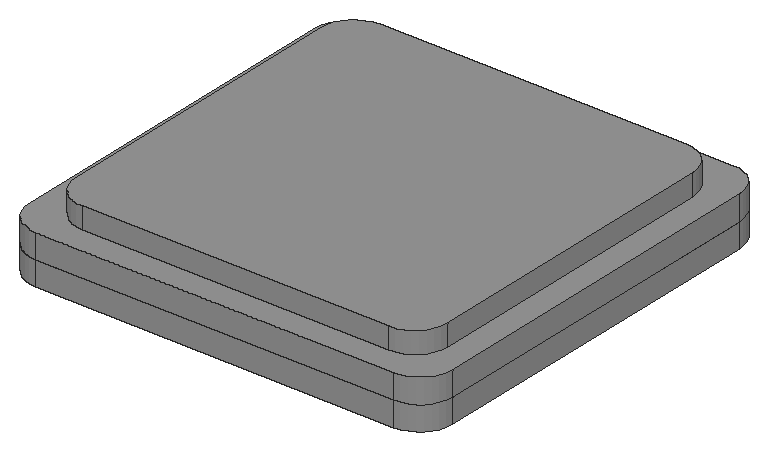
Revit family "FMS2_63_UN_Surface-mounted_ETK", category Lighting Fixtures, Revit 2019 (continued)
Definition of nested family "FMS.2 - Lightsource"
  Types (14, lengths in mm): name | Wattage Comments | Wattage | built-in parameter 1150134 | Photometric Web File | built-in parameter 1150142 | built-in parameter 1150105 | Lumens | built-in parameter 1150107 | built-in parameter 1150106 | Apparent Load
    FMS.1400.10 - Ø400 / 38W / 2800lm / 3000K | "38W" | 18.8499 W | (empty or 0) | "FMS.1400.10.ies" | "IESNA:LM-63-2002\r\n[TEST] /2015\r\n[TESTLAB] ies2eulumdat.appspot.com\r\n[ISSUEDATE] 2021-10-05T13:46:47.554\r\n[MANUFAC] www.etk.nl\r\n[LUMCAT] FMS.1400.10\r\n[LUMINAIRE] FMS.1 LED 38W 3000K 2800lm ø400 Ledeshi Slice circle IV niet dimbaar\r\n[LAMPCAT] LED\r\n[LAMP] LED\r\nTILT=NONE\r\n1\t2862\t1\t181\t72\t1\t2\t-0.400\t-0.400\t0\r\n1.0\t1.0\t36.10\r\n0\t 0.5\t 1\t 1.5\t 2\t 2.5\t 3\t 3.5\t 4\t 4.5\r\n5\t 5.5\t 6\t 6.5\t 7\t 7.5\t 8\t 8.5\t 9\t 9.5\r\n10\t 10.5\t 11\t 11.5\t 12\t 12.5\t 13\t 13.5\t 14\t 14.5\r\n15\t 15.5\t 16\t 16.5\t 17\t 17.5\t 18\t 18.5\t 19\t 19.5\r\n20\t 20.5\t 21\t 21.5\t 22\t 22.5\t 23\t 23.5\t 24\t 24.5\r\n25\t 25.5\t 26\t 26.5\t 27\t 27.5\t 28\t 28.5\t 29\t 29.5\r\n30\t 30.5\t 31\t 31.5\t 32\t 32.5\t 33\t 33.5\t 34\t 34.5\r\n35\t 35.5\t 36\t 36.5\t 37\t 37.5\t 38\t 38.5\t 39\t 39.5\r\n40\t 40.5\t 41\t 41.5\t 42\t 42.5\t 43\t 43.5\t 44\t 44.5\r\n45\t 45.5\t 46\t 46.5\t 47\t 47.5\t 48\t 48.5\t 49\t 49.5\r\n50\t 50.5\t 51\t 51.5\t 52\t 52.5\t 53\t 53.5\t 54\t 54.5\r\n55\t 55.5\t 56\t 56.5\t 57\t 57.5\t 58\t 58.5\t 59\t 59.5\r\n60\t 60.5\t 61\t 61.5\t 62\t 62.5\t 63\t 63.5\t 64\t 64.5\r\n65\t 65.5\t 66\t 66.5\t 67\t 67.5\t 68\t 68.5\t 69\t 69.5\r\n70\t 70.5\t 71\t 71.5\t 72\t 72.5\t 73\t 73.5\t 74\t 74.5\r\n75\t 75.5\t 76\t 76.5\t 77\t 77.5\t 78\t 78.5\t 79\t 79.5\r\n80\t 80.5\t 81\t 81.5\t 82\t 82.5\t 83\t 83.5\t 84\t 84.5\r\n85\t 85.5\t 86\t 86.5\t 87\t 87.5\t 88\t 88.5\t 89\t 89.5\r\n90\r\n0\t 5\t 10\t 15\t 20\t 25\t 30\t 35\t 40\t 45\r\n50\t 55\t 60\t 65\t 70\t 75\t 80\t 85\t 90\t 95\r\n100\t 105\t 110\t 115\t 120\t 125\t 130\t 135\t 140\t 145\r\n150\t 155\t 160\t 165\t 170\t 175\t 180\t 185\t 190\t 195\r\n200\t 205\t 210\t 215\t 220\t 225\t 230\t 235\t 240\t 245\r\n250\t 255\t 260\t 265\t 270\t 275\t 280\t 285\t 290\t 295\r\n300\t 305\t 310\t 315\t 320\t 325\t 330\t 335\t 340\t 345\r\n350\t 355\r\n985.6728\t985.6728\t985.3866\t985.1004\t984.528\t984.528\t984.2418\t983.9556\t983.6694\t982.5246\r\n981.3798\t981.0936\t980.5212\t979.3764\t978.2316\t976.8006\t975.3696\t973.9386\t972.7938\t971.0766\r\n969.3594\t967.9284\t966.2112\t963.9216\t961.632\t959.6286\t957.6252\t955.6218\t953.6184\t951.0426\r\n948.4668\t945.6048\t942.7428\t940.167\t937.5912\t934.1568\t930.4362\t927.5742\t924.426\t921.564\r\n918.4158\t914.9814\t911.2608\t907.5402\t903.8196\t900.3852\t896.6646\t892.6578\t888.3648\t884.0718\r\n879.4926\t875.4858\t871.1928\t866.8998\t862.3206\t857.7414\t853.1622\t848.2968\t843.1452\t838.566\r\n833.7006\t828.549\t823.3974\t818.532\t813.6666\t808.8012\t803.6496\t798.2118\t792.774\t787.05\r\n781.326\t775.602\t770.1642\t763.8678\t757.8576\t752.706\t747.2682\t741.258\t734.9616\t728.6652\r\n722.3688\t716.3586\t710.6346\t704.3382\t698.0418\t691.4592\t685.1628\t678.5802\t671.9976\t665.415\r\n658.8324\t652.2498\t645.381\t638.7984\t632.2158\t625.0608\t617.9058\t611.037\t604.1682\t597.2994\r\n590.1444\t583.2756\t576.1206\t568.9656\t561.5244\t554.3694\t547.2144\t539.7732\t532.0458\t525.177\r\n518.022\t510.2946\t502.281\t494.8398\t487.3986\t479.6712\t472.23\t464.5026\t456.489\t448.7616\r\n441.3204\t433.3068\t425.5794\t417.852\t410.1246\t402.3972\t394.3836\t386.37\t378.0702\t370.0566\r\n362.3292\t354.3156\t346.5882\t338.5746\t330.561\t322.5474\t314.5338\t306.5202\t298.5066\t290.493\r\n282.5653\t274.6375\t266.7384\t258.8965\t251.0546\t243.2414\t235.4567\t227.758\t220.0592\t212.3032\r\n204.5185\t197.0487\t189.6075\t182.3094\t175.0399\t167.7704\t160.501\t153.4891\t146.4772\t139.6656\r\n132.854\t126.2428\t119.6602\t113.278\t106.9243\t100.7424\t94.5605\t88.6934\t82.8549\t77.1023\r\n71.3783\t66.0836\t60.8175\t55.7518\t50.6574\t46.4789\t42.2717\t39.4384\t36.605\t35.8609\r\n35.1167\r\n985.6728\t985.3866\t985.3866\t984.8142\t984.528\t984.2418\t983.9556\t983.3832\t983.097\t981.9522\r\n980.8074\t980.235\t979.6626\t978.5178\t977.373\t975.6558\t974.2248\t973.08\t971.649\t969.9318\r\n968.2146\t966.4974\t965.0664\t962.7768\t960.4872\t958.1976\t956.1942\t953.9046\t951.9012\t949.3254\r\n946.7496\t943.8876\t941.0256\t938.4498\t935.874\t932.4396\t929.0052\t925.857\t922.7088\t919.5606\r\n916.4124\t912.978\t909.2574\t905.5368\t901.8162\t898.0956\t894.6612\t890.3682\t886.3614\t881.7822\r\n877.203\t873.1962\t868.9032\t864.6102\t860.031\t855.4518\t850.8726\t846.0072\t841.1418\t836.5626\r\n831.6972\t826.5456\t821.1078\t816.2424\t811.377\t806.2254\t801.0738\t795.9222\t790.4844\t785.0466\r\n779.3226\t773.8848\t768.1608\t762.1506\t756.1404\t750.4164\t745.2648\t739.2546\t732.9582\t726.948\r\n720.6516\t714.6414\t708.6312\t702.621\t696.3246\t690.0282\t683.4456\t677.1492\t670.5666\t663.984\r\n657.6876\t650.8188\t643.95\t637.3674\t630.7848\t623.916\t617.0472\t610.1784\t603.3096\t596.4408\r\n589.2858\t582.417\t575.5482\t568.3932\t560.952\t553.797\t546.642\t539.487\t532.0458\t524.8908\r\n517.4496\t510.0084\t502.5672\t495.126\t487.6848\t479.9574\t472.23\t464.5026\t457.3476\t449.9064\r\n442.179\t434.4516\t426.7242\t418.9968\t411.2694\t403.542\t395.8146\t388.0872\t379.7874\t371.7738\r\n363.474\t355.4604\t347.4468\t339.147\t331.1334\t323.1198\t314.82\t306.5202\t298.5066\t290.7792\r\n282.6225\t274.5517\t266.6239\t258.7534\t250.9115\t243.1269\t235.3423\t227.5862\t219.9161\t212.2745\r\n204.7189\t197.2777\t189.8937\t182.6528\t175.2116\t167.8849\t160.6441\t153.5463\t146.5344\t139.8373\r\n133.2547\t126.8438\t120.5761\t114.251\t107.0674\t99.7407\t92.3567\t84.6007\t76.4154\t67.9153\r\n59.7013\t52.0312\t45.1337\t39.5242\t34.7733\t31.5392\t28.8203\t26.2045\t23.7489\t3.3256\r\n0\r\n985.6728\t985.3866\t985.1004\t984.8142\t984.2418\t983.9556\t983.3832\t983.097\t982.5246\t981.666\r\n980.235\t979.6626\t979.0902\t977.9454\t976.5144\t975.0834\t973.3662\t972.2214\t970.7904\t969.0732\r\n967.356\t965.6388\t963.9216\t961.9182\t959.6286\t957.339\t955.3356\t953.046\t950.7564\t948.1806\r\n945.6048\t943.029\t940.167\t937.305\t934.7292\t931.581\t928.1466\t924.9984\t921.8502\t918.4158\r\n915.2676\t912.1194\t908.3988\t904.9644\t900.9576\t897.237\t893.5164\t889.7958\t885.789\t881.496\r\n876.9168\t872.3376\t868.3308\t864.324\t859.7448\t855.1656\t850.5864\t846.0072\t841.428\t836.8488\r\n831.9834\t827.118\t821.9664\t816.5286\t811.6632\t806.7978\t801.6462\t796.4946\t791.0568\t785.619\r\n780.4674\t775.3158\t769.5918\t763.8678\t758.1438\t752.4198\t746.6958\t741.258\t735.534\t729.2376\r\n723.2274\t717.2172\t711.4932\t705.483\t699.4728\t693.4626\t687.1662\t680.5836\t674.2872\t667.9908\r\n661.6944\t655.398\t648.5292\t641.3742\t633.933\t627.0642\t620.4816\t613.0404\t605.8854\t598.7304\r\n591.5754\t584.4204\t577.2654\t570.1104\t562.9554\t555.228\t547.5006\t540.0594\t532.9044\t525.4632\r\n517.7358\t510.0084\t502.5672\t495.126\t487.6848\t479.9574\t472.23\t464.5026\t456.7752\t449.0478\r\n441.6066\t434.1654\t426.1518\t418.4244\t410.697\t402.9696\t395.2422\t387.2286\t379.5012\t371.7738\r\n363.474\t355.4604\t347.1606\t339.147\t330.8472\t322.8336\t315.1062\t307.0926\t299.079\t291.3516\r\n283.338\t275.5247\t267.7401\t260.0127\t252.4284\t244.93\t237.4888\t229.7614\t221.7764\t213.82\r\n206.0068\t198.3938\t190.8954\t183.4542\t176.0989\t168.858\t161.8461\t154.777\t147.7364\t140.8963\r\n134.1419\t127.4162\t120.7192\t114.0793\t106.495\t98.3956\t90.4392\t82.6832\t75.1561\t68.1156\r\n61.7333\t55.6087\t49.7988\t44.4469\t40.1825\t36.0612\t32.083\t21.5108\t4.4332\t0\r\n0\r\n985.6728\t985.3866\t985.1004\t984.528\t983.9556\t983.6694\t983.097\t982.8108\t982.2384\t981.0936\r\n979.9488\t979.0902\t978.2316\t977.373\t975.942\t974.511\t972.7938\t971.3628\t970.218\t968.5008\r\n966.7836\t965.0664\t963.3492\t961.3458\t959.0562\t957.0528\t954.7632\t952.4736\t950.184\t947.8944\r\n945.3186\t942.7428\t939.8808\t937.0188\t934.1568\t931.581\t928.4328\t924.9984\t921.8502\t918.702\r\n915.2676\t912.1194\t908.9712\t905.2506\t901.8162\t897.8094\t894.0888\t890.3682\t886.6476\t882.6408\r\n878.3478\t873.7686\t869.4756\t865.4688\t861.7482\t857.169\t852.5898\t848.0106\t843.4314\t839.1384\r\n834.5592\t829.98\t825.1146\t819.963\t814.8114\t809.946\t805.0806\t800.2152\t795.0636\t789.3396\r\n783.6156\t777.8916\t772.4538\t767.016\t760.7196\t754.4232\t748.413\t742.4028\t736.3926\t730.3824\r\n723.7998\t717.2172\t710.9208\t704.6244\t698.328\t692.3178\t686.0214\t679.1526\t672.57\t665.7012\r\n659.1186\t652.536\t645.9534\t639.3708\t632.7882\t625.6332\t618.4782\t611.8956\t605.0268\t598.158\r\n591.2892\t584.1342\t576.9792\t569.8242\t562.9554\t556.0866\t548.9316\t541.4904\t534.3354\t526.8942\r\n519.453\t512.0118\t504.2844\t496.2708\t488.5434\t480.816\t473.0886\t465.6474\t458.2062\t450.1926\r\n442.179\t434.4516\t426.7242\t418.9968\t411.2694\t403.542\t395.8146\t388.3734\t380.646\t372.9186\r\n365.1912\t357.4638\t349.4502\t341.4366\t333.1368\t325.1232\t316.8234\t308.5236\t300.51\t292.4964\r\n284.4828\t276.5837\t268.7704\t261.0144\t253.3156\t245.7027\t237.9753\t229.9903\t222.2057\t214.5928\r\n207.0371\t199.5673\t192.1833\t184.9138\t177.7302\t170.6897\t163.5633\t156.4942\t149.5395\t142.7279\r\n136.0309\t129.391\t122.8657\t116.4262\t109.586\t102.7458\t95.9342\t89.1799\t82.4542\t75.7858\r\n69.6897\t63.8512\t58.1558\t52.5463\t47.0513\t39.1808\t22.8817\t6.5998\t0\t0\r\n0\r\n985.6728\t985.3866\t984.8142\t984.2418\t983.6694\t983.3832\t982.8108\t982.2384\t981.666\t980.8074\r\n979.6626\t978.5178\t977.6592\t976.8006\t975.6558\t974.2248\t972.5076\t970.7904\t969.6456\t968.2146\r\n966.4974\t964.7802\t962.7768\t961.0596\t959.0562\t956.7666\t954.7632\t952.4736\t950.184\t947.6082\r\n945.3186\t942.7428\t940.167\t937.5912\t934.7292\t931.8672\t929.0052\t926.1432\t922.995\t919.8468\r\n916.4124\t913.2642\t910.116\t906.9678\t903.5334\t899.8128\t896.0922\t892.3716\t888.9372\t885.2166\r\n881.2098\t876.9168\t872.6238\t868.3308\t864.324\t860.3172\t855.4518\t850.5864\t845.4348\t840.2832\r\n835.4178\t830.2662\t825.4008\t819.963\t814.5252\t809.0874\t803.6496\t798.2118\t792.774\t787.3362\r\n781.6122\t775.8882\t770.1642\t764.4402\t758.7162\t752.9922\t747.2682\t741.258\t735.2478\t729.2376\r\n723.2274\t717.2172\t711.207\t704.9106\t698.328\t692.3178\t686.0214\t680.0112\t674.2872\t667.9908\r\n661.4082\t654.8256\t648.243\t641.6604\t635.0778\t628.209\t621.054\t613.899\t606.744\t599.3028\r\n592.1478\t584.9928\t578.124\t570.969\t563.5278\t556.0866\t548.6454\t541.2042\t534.0492\t526.608\r\n519.453\t512.298\t505.143\t497.7018\t490.2606\t482.8194\t475.6644\t468.2232\t461.0682\t453.627\r\n445.3272\t437.0274\t429.0138\t421.0002\t413.2728\t404.973\t396.6732\t388.6596\t380.9322\t372.9186\r\n364.905\t357.1776\t349.164\t341.4366\t333.7092\t325.9818\t317.9682\t309.9546\t301.941\t293.9274\r\n285.9997\t277.9861\t270.0583\t262.2451\t254.5463\t246.8761\t239.2918\t231.8506\t224.4953\t216.7965\r\n209.0977\t201.4848\t193.9577\t186.5738\t179.3329\t172.2352\t165.1946\t158.2686\t151.4284\t144.7313\r\n138.0915\t131.5375\t125.0408\t118.6299\t112.3049\t106.0657\t99.9124\t93.9022\t87.9206\t81.9391\r\n76.0147\t70.119\t64.2519\t58.4134\t42.7869\t26.1301\t9.5047\t0\t0\t0\r\n0\r\n985.6728\t985.3866\t984.8142\t984.2418\t983.6694\t983.097\t982.5246\t981.9522\t981.3798\t980.8074\r\n979.3764\t978.2316\t977.373\t976.5144\t975.0834\t973.9386\t972.5076\t970.7904\t969.0732\t967.9284\r\n966.4974\t964.7802\t962.7768\t961.0596\t959.3424\t957.339\t955.0494\t952.7598\t950.7564\t948.4668\r\n945.891\t943.3152\t941.0256\t938.4498\t935.874\t933.012\t930.4362\t927.5742\t924.7122\t921.8502\r\n918.9882\t915.5538\t912.1194\t909.2574\t906.1092\t902.6748\t898.9542\t894.6612\t890.082\t885.789\r\n881.2098\t876.9168\t872.3376\t867.4722\t862.6068\t857.7414\t852.876\t848.2968\t844.0038\t838.8522\r\n833.7006\t828.8352\t823.9698\t818.8182\t813.6666\t808.515\t803.3634\t797.9256\t792.4878\t787.3362\r\n781.8984\t776.4606\t771.0228\t765.585\t760.1472\t754.4232\t748.9854\t743.2614\t737.2512\t731.5272\r\n726.0894\t720.3654\t714.069\t707.7726\t701.19\t694.6074\t687.7386\t680.8698\t674.001\t667.4184\r\n660.8358\t654.2532\t647.6706\t641.088\t634.2192\t627.3504\t620.4816\t613.6128\t606.744\t599.8752\r\n593.0064\t586.1376\t579.2688\t572.4\t565.5312\t558.6624\t552.0798\t545.4972\t538.3422\t530.3286\r\n522.315\t514.5876\t506.574\t498.8466\t490.833\t483.1056\t475.3782\t467.937\t460.2096\t452.4822\r\n444.4686\t436.7412\t429.3\t421.5726\t414.1314\t406.404\t398.6766\t390.9492\t382.9356\t374.922\r\n366.9084\t358.6086\t350.595\t342.5814\t334.854\t326.8404\t319.113\t311.0994\t303.372\t295.6446\r\n287.9172\t280.4474\t272.4338\t264.4774\t256.5783\t248.7364\t240.9518\t233.253\t225.6401\t218.0844\r\n210.586\t203.1734\t195.8467\t188.6344\t181.5653\t174.5248\t167.5701\t160.6727\t153.8611\t147.1354\r\n140.467\t133.8557\t127.3304\t121.0626\t115.0238\t109.0422\t103.0892\t97.1935\t91.3264\t85.5166\r\n79.7353\t73.9827\t62.5633\t45.9637\t29.3355\t12.7245\t0\t0\t0\t0\r\n0\r\n985.6728\t985.1004\t984.8142\t984.2418\t983.3832\t982.8108\t982.2384\t981.666\t981.0936\t980.5212\r\n979.3764\t977.9454\t977.0868\t975.942\t975.0834\t973.6524\t972.5076\t970.7904\t969.0732\t967.6422\r\n966.2112\t965.0664\t963.063\t961.3458\t959.6286\t957.6252\t955.908\t953.6184\t951.615\t949.3254\r\n947.0358\t944.7462\t942.1704\t939.8808\t937.305\t935.0154\t932.4396\t929.8638\t927.0018\t924.1398\r\n920.4192\t916.6986\t912.978\t908.9712\t904.6782\t900.6714\t896.9508\t892.6578\t888.3648\t884.358\r\n879.7788\t875.4858\t871.1928\t866.8998\t862.3206\t857.4552\t852.5898\t847.7244\t843.1452\t838.566\r\n833.9868\t829.4076\t824.5422\t819.6768\t814.8114\t809.946\t805.0806\t799.929\t794.7774\t789.6258\r\n784.4742\t779.3226\t774.171\t768.447\t762.1506\t756.1404\t749.844\t743.8338\t737.8236\t731.5272\r\n725.517\t719.2206\t712.638\t706.0554\t700.0452\t693.7488\t687.4524\t681.156\t674.8596\t668.5632\r\n662.2668\t655.6842\t649.1016\t642.519\t636.2226\t629.9262\t623.6298\t617.0472\t610.1784\t603.0234\r\n595.8684\t588.7134\t580.986\t573.5448\t566.1036\t558.6624\t550.935\t543.4938\t536.0526\t528.8976\r\n521.4564\t514.0152\t506.574\t499.1328\t491.9778\t484.5366\t477.0954\t469.9404\t462.4992\t454.7718\r\n446.7582\t438.7446\t430.731\t422.7174\t414.99\t406.9764\t399.249\t391.5216\t383.508\t375.7806\r\n368.0532\t360.3258\t352.5984\t345.1572\t337.716\t329.9886\t321.6888\t313.389\t305.3754\t297.3618\r\n289.3482\t281.4491\t273.55\t265.7653\t258.0093\t250.3391\t242.7262\t235.1419\t227.6149\t220.1737\r\n212.7897\t205.463\t198.1935\t190.9813\t183.8263\t176.7285\t169.688\t162.6761\t155.7214\t148.824\r\n142.2414\t135.8878\t129.5914\t123.3236\t117.113\t110.9311\t104.7778\t98.6818\t92.5857\t86.5469\r\n79.7639\t63.7654\t47.7954\t31.8254\t15.8383\t0\t0\t0\t0\t0\r\n0\r\n985.6728\t985.1004\t984.528\t983.9556\t983.3832\t982.5246\t981.9522\t981.3798\t980.8074\t979.9488\r\n979.3764\t977.9454\t976.8006\t975.6558\t974.7972\t973.6524\t972.2214\t971.0766\t969.3594\t967.6422\r\n966.2112\t965.0664\t963.6354\t961.9182\t960.201\t958.1976\t956.4804\t954.7632\t952.7598\t950.7564\r\n948.753\t946.4634\t944.1738\t941.8842\t939.3084\t936.1602\t932.7258\t929.5776\t925.857\t922.4226\r\n918.702\t914.9814\t911.2608\t907.5402\t903.8196\t899.8128\t895.806\t891.7992\t887.7924\t883.7856\r\n879.7788\t875.4858\t871.1928\t866.8998\t862.6068\t858.3138\t854.0208\t849.7278\t844.8624\t840.2832\r\n835.4178\t830.8386\t826.2594\t821.9664\t817.6734\t812.808\t807.084\t801.36\t795.636\t790.1982\r\n784.4742\t778.464\t772.74\t767.016\t761.0058\t754.9956\t748.9854\t743.2614\t737.5374\t731.5272\r\n725.517\t719.5068\t713.4966\t707.4864\t701.7624\t695.7522\t690.0282\t683.7318\t677.7216\t671.4252\r\n665.415\t658.5462\t651.6774\t644.5224\t637.6536\t630.4986\t623.3436\t616.1886\t609.0336\t601.8786\r\n594.7236\t587.5686\t580.6998\t573.5448\t566.3898\t559.2348\t552.0798\t544.9248\t537.7698\t530.6148\r\n523.4598\t516.3048\t508.8636\t501.1362\t493.4088\t485.6814\t477.954\t470.2266\t462.4992\t454.7718\r\n447.0444\t439.317\t431.5896\t424.1484\t416.421\t408.9798\t401.5386\t394.0974\t386.37\t378.6426\r\n370.629\t362.6154\t354.3156\t346.302\t338.2884\t330.2748\t322.2612\t314.5338\t306.8064\t298.7928\r\n291.0654\t283.3952\t275.6678\t267.9977\t260.2989\t252.6574\t245.0444\t237.4601\t229.9617\t222.4919\r\n215.0507\t207.6953\t200.34\t193.0705\t185.8297\t178.6174\t171.4338\t164.565\t157.9538\t151.3712\r\n144.8458\t138.3491\t131.8523\t125.4128\t119.002\t112.5911\t106.2088\t99.8552\t93.5302\t82.0822\r\n66.4556\t50.8291\t35.2026\t19.5961\t3.9753\t0\t0\t0\t0\t0\r\n0\r\n985.6728\t985.1004\t984.528\t983.9556\t983.097\t982.5246\t981.9522\t981.0936\t980.5212\t979.6626\r\n979.0902\t977.9454\t976.8006\t975.6558\t974.511\t973.3662\t972.2214\t971.0766\t969.9318\t968.2146\r\n966.7836\t965.0664\t963.6354\t962.4906\t961.0596\t959.3424\t957.6252\t955.908\t954.1908\t952.4736\r\n950.4702\t948.1806\t945.0324\t941.8842\t938.4498\t935.0154\t931.581\t927.8604\t924.7122\t921.2778\r\n917.8434\t914.1228\t910.4022\t906.6816\t903.2472\t899.8128\t895.806\t892.0854\t888.3648\t884.358\r\n880.3512\t876.3444\t872.3376\t868.617\t864.324\t860.031\t855.738\t851.7312\t847.4382\t843.1452\r\n838.2798\t833.1282\t827.4042\t821.6802\t815.9562\t810.5184\t805.3668\t799.929\t794.7774\t789.3396\r\n784.188\t778.464\t772.4538\t767.016\t761.292\t755.8542\t750.4164\t744.6924\t739.2546\t733.5306\r\n727.8066\t721.7964\t716.0724\t710.3484\t704.6244\t697.7556\t691.173\t684.3042\t677.7216\t670.8528\r\n663.984\t657.1152\t650.5326\t643.95\t637.0812\t630.2124\t623.0574\t616.1886\t609.606\t602.7372\r\n596.1546\t589.2858\t582.417\t575.262\t568.3932\t561.5244\t554.0832\t546.642\t538.9146\t531.4734\r\n524.0322\t516.591\t508.8636\t501.4224\t493.9812\t486.54\t478.8126\t471.3714\t463.9302\t456.489\r\n449.0478\t441.6066\t434.1654\t427.0104\t419.283\t410.9832\t402.9696\t395.2422\t387.2286\t379.215\r\n371.2014\t363.1878\t355.4604\t347.4468\t339.7194\t331.7058\t323.9784\t316.251\t308.5236\t300.7962\r\n293.0688\t285.3128\t277.5854\t269.9152\t262.2451\t254.6321\t247.0478\t239.4635\t231.9079\t224.3808\r\n216.911\t209.4698\t202.0286\t194.6446\t187.461\t180.6208\t173.8093\t167.0263\t160.272\t153.5463\r\n146.8492\t140.1521\t133.5123\t126.8725\t120.2612\t113.6786\t107.096\t100.5421\t85.7169\t70.2907\r\n54.8932\t39.4956\t24.078\t8.669\t0\t0\t0\t0\t0\t0\r\n0\r\n985.6728\t985.1004\t984.528\t983.9556\t983.097\t982.5246\t981.666\t
